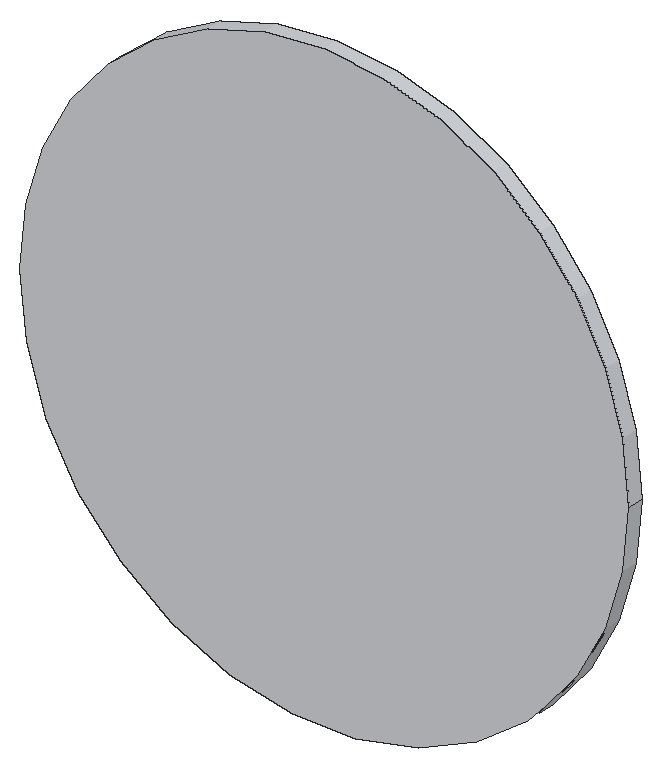
Revit family
Parameters
  Sign Thickness = 2 mm
  Sign Radius = 37.5 mm
  Height = 1500 mm
Reference planes
  plane 1 "Center (Front/Back)": y = -198
  plane 2: z = 0
  plane 3 "Center (Left/Right)": x = 0
  plane 4: z = 1500
  plane 5: y = -196
Forms (mm)
  Extrusion 1, solid
    sketch origin (0, -198, 0) x (1, 0, 0) y (0, 0, 1)
      loop
        circle (0, 1500) r 37.5
    from 0 to -2
Lines and regions (mm)
  model lines, style "Signage"
    curve 1: arc (6.074, -198, 1526.092) -> (0.074, -198, 1532.092) -> (-5.926, -198, 1526.092) r 6
    curve 2: arc (-5.926, -198, 1526.092) -> (0.074, -198, 1520.092) -> (6.074, -198, 1526.092) r 6
    curve 3: line (-3.5, -198, 1519.32) -> (-3.5, -198, 1521.272)
    curve 4: line (-7.287, -198, 1519.32) -> (-3.5, -198, 1519.32)
    curve 5: line (-15.658, -198, 1496.416) -> (-7.287, -198, 1519.32)
    curve 6: line (-11.252, -198, 1496.416) -> (-15.658, -198, 1496.416)
    curve 7: line (-6.846, -198, 1507.428) -> (-11.252, -198, 1496.416)
    curve 8: line (-5.745, -198, 1507.428) -> (-6.846, -198, 1507.428)
    curve 9: line (-5.745, -198, 1503.023) -> (-5.745, -198, 1507.428)
    curve 10: line (-12.574, -198, 1485.625) -> (-5.745, -198, 1503.023)
    curve 11: line (-5.304, -198, 1485.625) -> (-12.574, -198, 1485.625)
    curve 12: line (-2, -198, 1467.567) -> (-5.304, -198, 1485.625)
    curve 13: line (2, -198, 1467.567) -> (-2, -198, 1467.567)
    curve 14: line (5.304, -198, 1485.625) -> (2, -198, 1467.567)
    curve 15: line (12.574, -198, 1485.625) -> (5.304, -198, 1485.625)
    curve 16: line (5.745, -198, 1503.023) -> (12.574, -198, 1485.625)
    curve 17: line (5.745, -198, 1507.428) -> (5.745, -198, 1503.023)
    curve 18: line (11.252, -198, 1496.416) -> (6.846, -198, 1507.428)
    curve 19: line (15.658, -198, 1496.416) -> (11.252, -198, 1496.416)
    curve 20: line (7.287, -198, 1519.32) -> (15.658, -198, 1496.416)
    curve 21: line (3.5, -198, 1519.32) -> (7.287, -198, 1519.32)
    curve 22: line (3.5, -198, 1521.166) -> (3.5, -198, 1519.32)
    curve 23: line (6.846, -198, 1507.428) -> (5.745, -198, 1507.428)
  symbolic lines, style "2D Signage Placement Lines"
    curve 24: line (-150, -196, 0) -> (150, -196, 0)
    curve 25: line (0, -196, 0) -> (0, -346, 0)
Dimensions and locks
  "Height": plane 4 to level
  "Sign Thickness": plane 1 "Center (Front/Back)" to Extrusion 1
  "Sign Radius": radius of Extrusion 1 sketch curve
  aligned and locked: plane 1 "Center (Front/Back)" to Extrusion 1
  aligned and locked: plane 5 to Extrusion 1
Automatic sketch dimensions
  Extrusion 1 sketch curve to plane 3 "Center (Left/Right)" = 0 mm
  Extrusion 1 sketch curve to plane 4 = 0 mm
  plane 4 to curve 5 = 3.584 mm
  curve 5 to plane 3 "Center (Left/Right)" = 15.658 mm
  curve 5 to curve 10 = 3.084 mm
  curve 5 to curve 6 = 4.406 mm
  curve 5 to plane 3 "Center (Left/Right)" = 7.287 mm
  curve 8 to plane 3 "Center (Left/Right)" = 6.846 mm
  curve 2 to plane 3 "Center (Left/Right)" = 5.926 mm
  curve 7 to curve 10 = 1.101 mm
  curve 12 to plane 3 "Center (Left/Right)" = 5.304 mm
  curve 3 to plane 3 "Center (Left/Right)" = 3.5 mm
  curve 12 to plane 3 "Center (Left/Right)" = 2 mm
  plane 3 "Center (Left/Right)" to curve 2 = 0.074 mm
  plane 3 "Center (Left/Right)" to curve 13 = 2 mm
  plane 3 "Center (Left/Right)" to curve 22 = 3.5 mm
  plane 3 "Center (Left/Right)" to curve 14 = 5.304 mm
  plane 3 "Center (Left/Right)" to curve 23 = 5.745 mm
  curve 17 to curve 18 = 1.101 mm
  curve 21 to curve 20 = 3.787 mm
  plane 4 to curve 19 = 3.584 mm
  curve 16 to curve 19 = 5.507 mm
  curve 14 to curve 15 = 7.27 mm
  curve 18 to curve 19 = 4.406 mm
  curve 15 to curve 18 = 10.791 mm
  curve 10 to curve 6 = 10.791 mm
  curve 12 to curve 11 = 18.059 mm
  curve 9 to plane 4 = 3.023 mm
  curve 16 to plane 4 = 3.023 mm
  curve 9 to curve 8 = 4.405 mm
  curve 16 to curve 18 = 4.405 mm
  curve 7 to curve 5 = 11.892 mm
  curve 22 to curve 3 = 0 mm
  curve 21 to curve 22 = 1.846 mm
  curve 24 to plane 3 "Center (Left/Right)" = 150 mm
  curve 24 to curve 25 = 150 mm
  curve 25 to curve 24 = 150 mm
  plane 5 to curve 25 = 150 mm
  curve 25 to curve 25 = 150 mm
